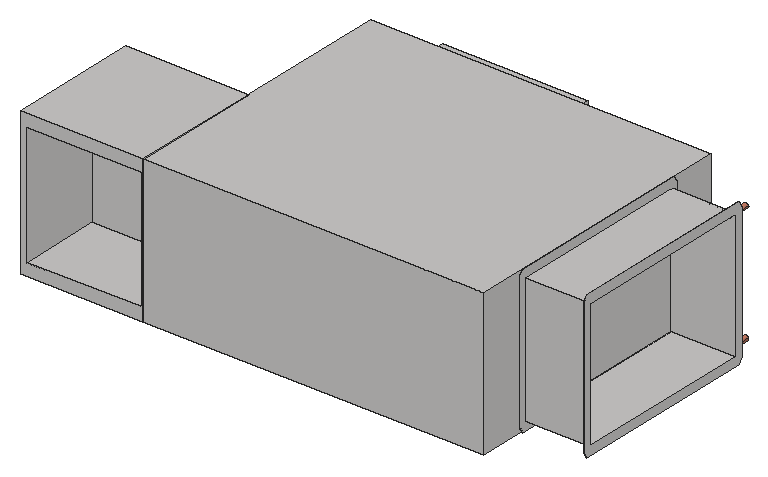
Revit family
Parameters
  Width = 3' - 3"
  Voltage = 120 V
  Unit Weight = if(Number of Rows = 1, "272.0 lbs", if(Number of Rows = 2, "277.0 lbs", "0"))  # "272.0 lbs"
  UltraLoc Liner = Choose Liner Option = 3  # no
  URL = "http://www.titus-hvac.com/"
  UL = "181"
  Supply Air Flow [instance] = 0 CFM
  SteriLoc Liner = Choose Liner Option = 2  # no
  Secondary Material = Copper Connectors
  Primary Air Pressure Drop [instance] = 0.00 in-wg
  Primary Air Flow [instance] = 0 CFM
  Pressure [instance] = 0.00 psi
  Plenum Air Pressure Drop [instance] = 0.00 in-wg
  Plenum Air Flow [instance] = 0 CFM
  Outlet Width = 2' - 1"
  Outlet Height = 1' - 5 1/2"
  Number of Rows = 1
  Number of Poles = 1
  Nominal Width = Width + 0' 6 1/4"  # 3' - 9 1/4"
  Nominal Length = Length + 1' 4 7/8" + 0' 9"  # 6' - 0 5/8"
  Nominal Inlet Size = 1' - 0"
  Nominal Height = 1' - 8"
  NFPA = "90A"
  Motor Full Load Amps [instance] = 8.6 A
  Model = "DTFS-F"
  Min. Air Flow = 0 CFM
  Max. Air Flow = 2000 CFM
  Material = Galvanized Steel
  Manufacturer = "Titus"
  Length = 3' - 10 3/4"
  Juction Box Offset = 0' - 4 7/8"
  Inlet Diameter = Nominal Inlet Size - 0' 0 1/8"  # 0' - 11 7/8"
  Induced Air Inlet Width = 1' - 4 7/8"
  Induced Air Inlet Offset = (Nominal Height - Induced Air Inlet Connection Height) / 2  # 0' - 1 11/16"
  Induced Air Inlet Height = 1' - 6 1/8"
  Induced Air Inlet Connection Width = 1' - 3 3/4"
  Induced Air Inlet Connection Height = 1' - 4 5/8"
  Induced Air Filter = no
  Heating Total Capacity [instance] = 0 Btu/h
  Heating Entering Water Temp = 0 °F
  Half Outlet Width = 1' - 0 1/2"
  Half Outlet Connection Width = Outlet Width / 2  # 1' - 0 1/2"
  Half Outlet Connection Height = Outlet Height / 2  # 0' - 8 3/4"
  Half Height Start = -(Nominal Height / 2)  # -0' - 10"
  Half Height End = Nominal Height / 2  # 0' - 10"
  HWC Option = HWC Section : D-E - 1 Row
  HWC Connector Radius = 5/16"
  HWC Connector Length = 0' - 3"
  HP-Motor = "3/4"
  Gallons Per Minute [instance] = 0 GPM
  Frequency = 60 Hz
  Flange Offset = 0' - 1 1/4"
  Filter Size = "18\"x17\""
  Fiber Free Liner = Choose Liner Option = 1  # no
  Fan Disconnect Switch = no
  Duct Radius = Nominal Inlet Size / 2  # 0' - 6"
  Description = "Ultra Quiet Series Fan Powered Terminal Unit, Direct Digital Control, Pressure Independent"
  Connector Vertical Offset = if(Number of Rows = 1, 1' 4 1/4", if(Number of Rows = 2, 1' 4 3/4", 0' 0"))  # 1' - 4 1/4"
  Connector Horizontal Offset = if(Number of Rows = 1, 0' 0", if(Number of Rows = 2, 0' 1", 0' 0"))  # 0' - 0"
  Connection Void Radius = Connection Radius - 0' 0 1/4"  # 0' - 5 11/16"
  Connection Radius = Inlet Diameter / 2  # 0' - 5 15/16"
  Choose Liner Option = 0
  CADworks URL = "www.CADworks.net"
  Assembly Code = "D3040100"
  Apparent Power [instance] = Voltage * Motor Full Load Amps  # 1032 VA
  Air Inlet Offset = 0' - 8"
  1/2" Fiberglass Liner = Choose Liner Option = 0  # yes
  1" Fiberglass Liner = Choose Liner Option = 4  # no
Reference planes (in)
  plane 1 "Center (Front/Back)": y = 0
  plane 2: z = 0
  plane 3 "Center (Left/Right)": x = 3
  plane 4: x = -20.375
  plane 5: x = 26.375
  plane 6: x = -15.5
  plane 7: x = -23.75
  plane 8 "Center (Elevation)": z = 0
  plane 9: y = -19.5
  plane 10: y = 19.5
  plane 11: y = 11.5
  plane 12: y = -8.25
  plane 13: z = 0.6875
  plane 14: z = -6.875
  plane 15: x = 35.375
  plane 16: x = 34.375
  plane 17: x = 34.375
  plane 18: y = 15.5
  plane 19: z = -8.125
  plane 20: z = 8.125
  plane 21: y = -12.5
  plane 22: y = 12.5
  plane 23: y = 25.75
  plane 24: x = -37.25
  plane 25: z = 10
  plane 26: z = -10
Forms (in)
  Extrusion 1, solid, material "Galvanized Steel" <- "Material"
    sketch origin (0, 0, 0) x (1, 0, 0) y (0, 1, 0)
      loop
        line (-20.375, 19.5) -> (-20.375, -19.5) -> (26.375, -19.5) -> (26.375, 19.5) -> (-20.375, 19.5)
    from -10 <- "Half Height Start" to 10 <- "Half Height End"
  Extrusion 2, solid, material "Galvanized Steel" <- "Material"
    sketch origin (0, 0, 0) x (1, 0, 0) y (0, 1, 0)
      loop
        line (-37.25, -1.375) -> (-37.25, -19.5) -> (-20.375, -19.5) -> (-20.375, -1.375) -> (-37.25, -1.375)
    from -10 <- "Half Height Start" to 10 <- "Half Height End"
  Extrusion 3, void, detail levels fine
    sketch origin (0, -19.5, 0) x (1, 0, 0) y (0, 0, -1)
      loop
        line (-20.625, 8.3125) -> (-36.375, 8.3125) -> (-36.375, -8.3125) -> (-20.625, -8.3125) -> (-20.625, 8.3125)
    from 0 to 11.25
  Extrusion 4, solid, material "Galvanized Steel" <- "Material"
    sketch origin (3.125, 0, 0) x (1, 0, 0) y (0, 1, 0)
      loop
        line (-18.625, 19.5) -> (1.375, 19.5) -> (1.375, 25.75) -> (-18.625, 25.75) -> (-18.625, 19.5)
    from -6 to 6
  Extrusion 5, solid, material "Galvanized Steel" <- "Material"
    sketch origin (-24.875, -3, 0) x (0, 0, -1) y (0, 1, 0)
      loop
        circle (0, 14.5) r 5.9375
    from 1.125 to 4.5
  Extrusion 6, void, detail levels fine
    sketch origin (-24.875, 0, 0) x (0, 1, 0) y (0, 0, 1)
      loop
        circle (11.5, 0) r 5.6875
    from 1.125 to 9.375
  Extrusion 7, void, detail levels fine
    sketch origin (35.375, -12.5, 8.75) x (0, 0, 1) y (0, -1, 0)
      loop
        line (-17.5, 0) -> (-17.5, -25) -> (0, -25) -> (0, 0) -> (-17.5, 0)
    from -0.0625 to 0
  Extrusion 8, solid, material "Copper Connectors" <- "Secondary Material", detail levels fine
    sketch origin (0, 0, 0) x (1, 0, 0) y (0, 0, 1)
      loop
        circle (34.375, 8.125) r 0.3125
    from -15.5 to -12.5625
  Extrusion 9, solid, material "Copper Connectors" <- "Secondary Material", detail levels fine
    sketch origin (0, 0, 0) x (1, 0, 0) y (0, 0, 1)
      loop
        circle (34.375, -8.125) r 0.3125
    from -15.5 to -12.5625
Cuts and joins
  Extrusion 3 cuts Extrusion 2
  Extrusion 6 cuts Extrusion 1
  Extrusion 6 cuts Extrusion 5
Dimensions and locks (in)
  "Length": plane 5 to plane 4
  equal spacing: plane 5, plane 3 "Center (Left/Right)", plane 4
  locked: Extrusion 4 to Extrusion 4 at 20
  "Juction Box Offset": plane 6 to plane 4
  locked: plane 4 to plane 7 at 3.375
  "Width": plane 9 to plane 10
  equal spacing: plane 9, plane 1 "Center (Front/Back)", plane 10
  locked: Extrusion 5 sketch curve to level at 0
  locked: Extrusion 5 sketch curve to plane 11 at 0
  locked: Extrusion 6 sketch curve to level at 0
  locked: Extrusion 6 sketch curve to plane 11 at 0
  locked: Extrusion 4 to Extrusion 4 at 6.25
  locked: Extrusion 4 to Extrusion 4 at 12
  equal spacing: Extrusion 4, plane 8 "Center (Elevation)", Extrusion 4
  locked: plane 12 to plane 9 at 11.25
  "Air Inlet Offset": plane 10 to plane 11
  "Induced Air Inlet Height": cut or joined group of Extrusion 2, Extrusion 3 to cut or joined group of Extrusion 2, Extrusion 3
  locked: cut or joined group of Extrusion 5, Extrusion 6 to cut or joined group of Extrusion 5, Extrusion 6 at 3.375
  locked: plane 12 to plane 12 at 0
  "Induced Air Inlet Connection Height": Extrusion 3 sketch curve to Extrusion 3 sketch curve
  "Induced Air Inlet Offset": Extrusion 3 sketch curve to cut or joined group of Extrusion 2, Extrusion 3
  "Induced Air Inlet Connection Width": Extrusion 3 sketch curve to Extrusion 3 sketch curve
  locked: Extrusion 3 sketch curve to cut or joined group of Extrusion 1, Extrusion 6 at 0.25
  "Connector Vertical Offset": plane 20 to plane 19
  equal spacing: plane 20, plane 8 "Center (Elevation)", plane 19
  locked: plane 15 to plane 5 at 9
  locked: plane 15 to plane 16 at 1
  "Connector Horizontal Offset": plane 16 to plane 17
  locked: Extrusion 8 sketch curve to plane 17 at 0
  locked: Extrusion 8 sketch curve to plane 20 at 0
  locked: Extrusion 9 sketch curve to plane 16 at 0
  locked: Extrusion 9 sketch curve to plane 19 at 0
  "HWC Connector Length": plane 18 to plane 22
  locked: cut or joined group of Extrusion 1, Extrusion 6 to Extrusion 7 at 9
  locked: cut or joined group of Extrusion 2, Extrusion 3 to cut or joined group of Extrusion 2, Extrusion 3 at 16.875
  locked: cut or joined group of Extrusion 2, Extrusion 3 to cut or joined group of Extrusion 2, Extrusion 3 at 20
  equal spacing: cut or joined group of Extrusion 2, Extrusion 3, plane 8 "Center (Elevation)", cut or joined group of Extrusion 2, Extrusion 3
  locked: cut or joined group of Extrusion 1, Extrusion 6 to cut or joined group of Extrusion 1, Extrusion 6 at 20
  equal spacing: cut or joined group of Extrusion 1, Extrusion 6, plane 8 "Center (Elevation)", cut or joined group of Extrusion 1, Extrusion 6
  locked: nested 1 to cut or joined group of Extrusion 1, Extrusion 6 at 1.1875
  locked: cut or joined group of Extrusion 1, Extrusion 6 to nested 1 at 1.1875
  "Connection Radius": radius of Extrusion 5 sketch curve
  "Connection Void Radius": radius of Extrusion 6 sketch curve
  "HWC Connector Radius": radius of Extrusion 8 sketch curve
  "HWC Connector Radius": radius of Extrusion 9 sketch curve
  aligned and locked: plane 10 to Extrusion 4
  aligned and locked: plane 6 to Extrusion 4
  aligned and locked: plane 7 to cut or joined group of Extrusion 5, Extrusion 6
  aligned and locked: plane 18 to Extrusion 8
  aligned and locked: plane 18 to Extrusion 9
  aligned and locked: plane 9 to cut or joined group of Extrusion 2, Extrusion 3  (x3)
  aligned and locked: plane 5 to nested 1
  aligned and locked: plane 15 to nested 1
  aligned and locked: plane 18 to nested 1  (x2)
  aligned and locked: plane 21 to nested 1
  aligned and locked: plane 22 to nested 1
  aligned and locked: plane 5 to cut or joined group of Extrusion 1, Extrusion 6
  aligned and locked: cut or joined group of Extrusion 1, Extrusion 6 to nested 1
  aligned and locked: cut or joined group of Extrusion 1, Extrusion 6 to plane 10
  aligned and locked: Extrusion 4 to cut or joined group of Extrusion 1, Extrusion 6  (x2)
  aligned and locked: cut or joined group of Extrusion 1, Extrusion 6 to plane 4
  aligned and locked: plane 9 to cut or joined group of Extrusion 1, Extrusion 6
  aligned and locked: cut or joined group of Extrusion 5, Extrusion 6 to cut or joined group of Extrusion 1, Extrusion 6
  aligned and locked: nested 1 to cut or joined group of Extrusion 1, Extrusion 6
  aligned and locked: plane 6 to Extrusion 6
  aligned and locked: Extrusion 6 to plane 7
  aligned and locked: Extrusion 3 to plane 12
  aligned and locked: plane 23 to Extrusion 4
  aligned and locked: plane 24 to cut or joined group of Extrusion 2, Extrusion 3
  aligned and locked: plane 25 to cut or joined group of Extrusion 2, Extrusion 3
  aligned and locked: plane 26 to cut or joined group of Extrusion 2, Extrusion 3
  aligned and locked: plane 26 to cut or joined group of Extrusion 1, Extrusion 6
  aligned and locked: plane 25 to cut or joined group of Extrusion 1, Extrusion 6
Automatic sketch dimensions
  Extrusion 1 sketch curve to plane 4 = 0' - 0"
  Extrusion 1 sketch curve to plane 5 = 0' - 0"
  Extrusion 1 sketch curve to plane 9 = 0' - 0"
  Extrusion 1 sketch curve to plane 10 = 0' - 0"
  Extrusion 2 sketch curve to plane 4 = 0' - 0"
  Extrusion 2 sketch curve to plane 9 = 0' - 0"
  plane 1 "Center (Front/Back)" to Extrusion 2 sketch curve = 0' - 1 3/8"
  Extrusion 4 sketch curve to plane 6 = 0' - 0"
  Extrusion 4 sketch curve to plane 10 = 0' - 0"
  plane 3 "Center (Left/Right)" to Extrusion 4 sketch curve = 0' - 1 1/2"
  Extrusion 4 sketch curve to plane 10 = 0' - 6 1/4"
  Extrusion 2 sketch curve to plane 7 = 1' - 1 1/2"
  Extrusion 7 sketch curve to nested 1 = 0' - 0"  (x4)
Nested families (in)
  nested 1: "HWC Section" at (30.875, 0, 0) x (0, 1, 0) z (0, 0, 1), type <- "HWC Option", type "D-E - 1 Row"
Connectors (in)
  electrical at (-5.5, 25.75, 0), driven by "Apparent Power", driven by "Voltage", driven by "Number of Poles"
    settings: on Extrusion 4, index 8
  hvac at (-23.75, 11.5, 0), driven by "Duct Radius", driven by "Primary Air Pressure Drop", driven by "Primary Air Flow"
    settings: on cut or joined group of Extrusion 5, Extrusion 6, index 9
  hvac at (-28.5, -19.5, 0), driven by "Induced Air Inlet Connection Height", driven by "Induced Air Inlet Connection Width", driven by "Plenum Air Pressure Drop", driven by "Plenum Air Flow"
    settings: on cut or joined group of Extrusion 2, Extrusion 3, index 11
  hvac at (35.375, 0, 0), driven by "Outlet Height", driven by "Outlet Width", driven by "Supply Air Flow"
    settings: on Extrusion 7, index 12
  piping at (34.375, 15.5, 8.125), driven by "Gallons Per Minute", driven by "Pressure", driven by "HWC Connector Radius"
    settings: on Extrusion 8, index 13
  piping at (34.375, 15.5, -8.125), driven by "Gallons Per Minute", driven by "HWC Connector Radius", driven by "Pressure"
    settings: on Extrusion 9, index 14
Definition of nested family "HWC Section"
  Parameters (values of type "B-C - 1 Row")
    Visibility = yes
    Secondary Material = Copper Connectors
    Number of Rows = 1
    Material = Galvanized Steel
    Half Width = HWC Width / 2  # 0' - 10 1/4"
    Half Length-Start = -(HWC Length / 2)  # -0' - 4 1/2"
    Half Length-End = HWC Length / 2  # 0' - 4 1/2"
    HWC Connection Radius = 5/16"
    Flange Offset = 0' - 1"
    Duct Vertical Offset = HWC Height - 0' 0 1/2"  # 1' - 0"
    Duct Horizontal Offset = HWC Width - 0' 0 1/2"  # 1' - 8"
    Connector Vertical Offset = 0' - 11 3/4"
    HWC Width = 1' - 8 1/2"
    HWC Height = 1' - 0 1/2"
    HWC Length = 0' - 9"  # constant formula
    Gallons Per Minute = 0 GPM
    Connector Length = 0' - 3"
    Connector Horizontal Offset = 0' - 0"
  Types (5): name | Number of Rows | Half Width | Flange Offset | Duct Vertical Offset | Duct Horizontal Offset | Connector Vertical Offset | HWC Width | HWC Height | Connector Horizontal Offset
    (no name) | 1 | 0' - 10 1/4" | 0' - 1" | 1' - 0" | 1' - 8" | 0' - 11 3/4" | 1' - 8 1/2" | 1' - 0 1/2" | 0' - 0"
    B-C - 1 Row | 1 | 0' - 10 1/4" | 0' - 1" | 1' - 0" | 1' - 8" | 0' - 11 3/4" | 1' - 8 1/2" | 1' - 0 1/2" | 0' - 0"
    B-C - 2 Row | 2 | 0' - 10 1/4" | 0' - 1" | 1' - 0" | 1' - 8" | 0' - 11 3/4" | 1' - 8 1/2" | 1' - 0 1/2" | 0' - 1"
    D-E - 1 Row | 1 | 1' - 0 1/2" | 0' - 1 1/4" | 1' - 5" | 2' - 0 1/2" | 1' - 4 1/4" | 2' - 1" | 1' - 5 1/2" | 0' - 0"
    D-E - 2 Row | 2 | 1' - 0 1/2" | 0' - 1 1/4" | 1' - 5" | 2' - 0 1/2" | 1' - 4 3/4" | 2' - 1" | 1' - 5 1/2" | 0' - 1"
  Reference planes (in)
    plane 1 "Center (Front/Back)": y = 0
    plane 2: z = 0
    plane 3 "Center (Left/Right)": x = 0
    plane 4: x = -10.25
    plane 5: x = 10.25
    plane 6: y = 4.5
    plane 7: y = -4.5
    plane 8: z = 6.25
    plane 9: z = -6.25
    plane 10: z = 5.875
    plane 11: z = -5.875
    plane 12: y = 3.5
    plane 13: y = 3.5
    plane 14: x = 13.25
  Forms (in)
    Extrusion 1, solid, material "Galvanized Steel" <- "Material", visible <- "Visibility"
      sketch origin (0, 0, 0) x (1, 0, 0) y (0, 0, 1)
        loop
          line (-10.3125, 6.3125) -> (-10.3125, -6.3125) -> (10.3125, -6.3125) -> (10.3125, 6.3125) -> (-10.3125, 6.3125)
      from -4.375 <- "Half Length-Start" to 4.5 <- "Half Length-End"
    Extrusion 2, void, detail levels fine
      sketch origin (0, 0, 0) x (1, 0, 0) y (0, 0, 1)
        loop
          line (-10.25, -6.25) -> (10.25, -6.25) -> (10.25, 6.25) -> (-10.25, 6.25) -> (-10.25, -6.25)
      from -4.5 <- "Half Length-Start" to 4.5 <- "Half Length-End"
    Extrusion 3, solid, material "Copper Connectors" <- "Secondary Material", visible <- "Visibility"
      sketch origin (6, 2.625, 0) x (0, 1, 0) y (0, 0, 1)
        loop
          circle (0.875, -5.875) r 0.3125
      from 4.3125 to 7.25
    Extrusion 4, solid, material "Galvanized Steel" <- "Material", visible <- "Visibility"
      sketch origin (0, -4.375, 0) x (1, 0, 0) y (0, 0, 1)
        loop
          line (-10.25, 6.25) -> (-10.25, -6.25) -> (10.25, -6.25) -> (10.25, 6.25) -> (-10.25, 6.25)
        loop
          line (-11.25, 6.75) -> (-11.25, -6.75) -> (-10.75, -7.25) -> (10.75, -7.25) -> (11.25, -6.75) -> (11.25, 6.75) -> (10.75, 7.25) -> (-10.75, 7.25) -> (-11.25, 6.75)
      from 0 to 0.125
    Extrusion 5, solid, material "Copper Connectors" <- "Secondary Material", visible <- "Visibility"
      sketch origin (6, -0.5, 0) x (0, 1, 0) y (0, 0, 1)
        loop
          circle (4, 5.875) r 0.3125
      from 4.3125 to 7.25
    Extrusion 6, solid, material "Galvanized Steel" <- "Material", visible <- "Visibility"
      sketch origin (0, 4.375, 0) x (1, 0, 0) y (0, 0, -1)
        loop
          line (-10.25, -6.25) -> (10.25, -6.25) -> (10.25, 6.25) -> (-10.25, 6.25) -> (-10.25, -6.25)
        loop
          line (-11.25, -6.75) -> (-10.75, -7.25) -> (10.75, -7.25) -> (11.25, -6.75) -> (11.25, 6.75) -> (10.75, 7.25) -> (-10.75, 7.25) -> (-11.25, 6.75) -> (-11.25, -6.75)
      from 0 to 0.125
  Cuts and joins
    Extrusion 2 cuts Extrusion 1
    joined: Extrusion 1, Extrusion 4, Extrusion 6
  Dimensions and locks (in)
    "HWC Width": plane 4 to plane 5
    equal spacing: plane 4, plane 3 "Center (Left/Right)", plane 5
    "HWC Height": plane 8 to plane 9
    equal spacing: plane 8, plane 2, plane 9
    equal spacing: plane 10, plane 2, plane 11
    locked: plane 12 to plane 6 at 1
    "Connector Horizontal Offset": plane 13 to plane 12
    locked: plane 7 to Extrusion 4 at 0.125
    locked: Extrusion 6 to plane 6 at 0.125
    locked: plane 4 to Extrusion 1 sketch curve at 0.0625
    locked: Extrusion 4 to Extrusion 1 sketch curve at 0.0625
    locked: Extrusion 1 sketch curve to plane 8 at 0.0625
    locked: plane 9 to Extrusion 1 sketch curve at 0.0625
    "Connector Length": plane 5 to plane 14
    "HWC Length": plane 6 to plane 7
    equal spacing: plane 6, plane 1 "Center (Front/Back)", plane 7
    "Connector Vertical Offset": plane 10 to plane 11
    equal spacing: plane 10, level, plane 11
    "HWC Width": Extrusion 4 sketch curve to Extrusion 4 sketch curve
    equal spacing: Extrusion 4 sketch curve, plane 3 "Center (Left/Right)", Extrusion 4 sketch curve
    "HWC Height": Extrusion 4 sketch curve to Extrusion 4 sketch curve
    equal spacing: Extrusion 4 sketch curve, plane 2, Extrusion 4 sketch curve
    locked: cut or joined group of Extrusion 1, Extrusion 2, Extrusion 4, Extrusion 6 to plane 4 at 1  (x2)
    locked: cut or joined group of Extrusion 1, Extrusion 2, Extrusion 4, Extrusion 6 to plane 5 at 1  (x2)
    "HWC Width": Extrusion 6 sketch curve to Extrusion 6 sketch curve
    "HWC Height": Extrusion 6 sketch curve to Extrusion 6 sketch curve
    equal spacing: Extrusion 6 sketch curve, plane 3 "Center (Left/Right)", Extrusion 6 sketch curve
    equal spacing: Extrusion 6 sketch curve, plane 2, Extrusion 6 sketch curve
    "HWC Height": Extrusion 2 sketch curve to Extrusion 2 sketch curve
    "HWC Width": Extrusion 2 sketch curve to Extrusion 2 sketch curve
    equal spacing: Extrusion 2 sketch curve, plane 3 "Center (Left/Right)", Extrusion 2 sketch curve
    equal spacing: Extrusion 2 sketch curve, plane 2, Extrusion 2 sketch curve
    locked: plane 5 to Extrusion 3 at 0.0625
    locked: plane 5 to Extrusion 5 at 0.0625
    "Flange Offset": cut or joined group of Extrusion 1, Extrusion 2, Extrusion 4, Extrusion 6 to plane 8
    "Flange Offset": plane 9 to cut or joined group of Extrusion 1, Extrusion 2, Extrusion 4, Extrusion 6
    "Flange Offset": plane 8 to cut or joined group of Extrusion 1, Extrusion 2, Extrusion 4, Extrusion 6
    "Flange Offset": cut or joined group of Extrusion 1, Extrusion 2, Extrusion 4, Extrusion 6 to plane 9
    "HWC Connection Radius": radius of Extrusion 3 sketch curve
    "HWC Connection Radius": radius of Extrusion 5 sketch curve
    aligned and locked: plane 7 to Extrusion 4
    aligned and locked: plane 6 to Extrusion 6
    aligned and locked: plane 14 to Extrusion 5
    aligned and locked: plane 14 to Extrusion 3
    aligned and locked: Extrusion 6 to cut or joined group of Extrusion 1, Extrusion 2, Extrusion 4, Extrusion 6
    aligned and locked: Extrusion 4 to Extrusion 4
  Automatic sketch dimensions
    Extrusion 3 sketch curve to plane 11 = 0' - 0"
    Extrusion 3 sketch curve to plane 12 = 0' - 0"
    Extrusion 5 sketch curve to plane 10 = 0' - 0"
    Extrusion 5 sketch curve to plane 13 = 0' - 0"
    plane 4 to Extrusion 6 sketch curve = 0' - 1"
    plane 4 to Extrusion 6 sketch curve = 0' - 0 1/2"  (x2)
    Extrusion 6 sketch curve to plane 5 = 0' - 0 1/2"  (x2)
    Extrusion 6 sketch curve to Extrusion 6 sketch curve = 0' - 0 1/2"  (x3)
    plane 8 to Extrusion 6 sketch curve = 0' - 0 1/2"  (x2)
    Extrusion 6 sketch curve to plane 9 = 0' - 0 1/2"  (x2)
    plane 4 to Extrusion 4 sketch curve = 0' - 0 1/2"  (x2)
    Extrusion 4 sketch curve to Extrusion 4 sketch curve = 0' - 0 1/2"  (x4)
    Extrusion 4 sketch curve to plane 5 = 0' - 0 1/2"  (x2)
    Extrusion 4 sketch curve to plane 9 = 0' - 0 1/2"  (x2)
    plane 8 to Extrusion 4 sketch curve = 0' - 0 1/2"  (x2)
